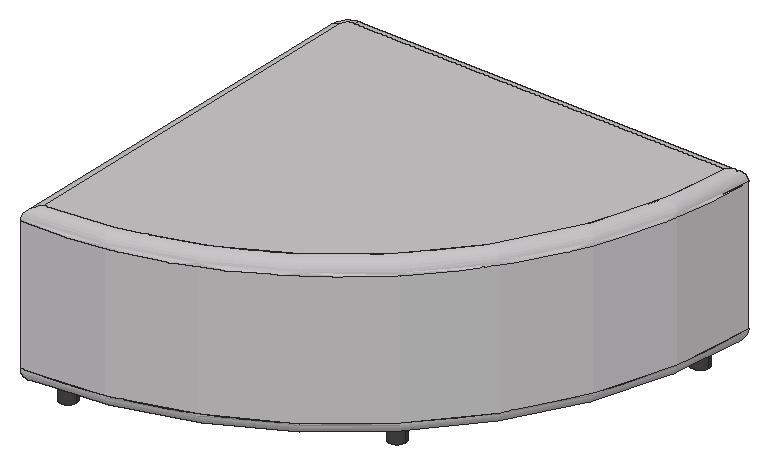
Revit family "FU_Chair_Sandler_ENTROPY_ENT0050TA", category Furniture, Revit 2020
Family settings
  OmniClass Number = 23.21.23.15.17
  Work Plane-Based = Yes
  Always vertical = No
  Cut with Voids When Loaded = No
  Shared = No
  Room Calculation Point = No
Parameters (values of type "ENTROPY ENT0050TA")
  Youtube clip = ""
  Width = 950.000 mm  # constant formula
  Uniformat II Description = "Movable Furnishings"
  Uniformat II Code = ""
  Uniclass 2015 Name = ""
  Uniclass 2015 Code = ""
  Uniclass 2.0 Description = ""
  Uniclass 2.0 Code = ""
  Uniclass 1.4 Description = ""
  Uniclass 1.4 Code = ""
  UNSPSC Code = ""
  Technical description = ""
  Seat Material = Leather - Gaja - 60005
  Frame Material = Steel - Frame - Black
  Region South America = "All"
  Region Oceania = "All"
  Region North America = "All"
  Region Middle East = "All"
  Region Europe = "All"
  Region Asia = "All"
  Region Antarctica = "All"
  Region Africa = "All"
  QR code = ""
  Product url = "https://www.sandlerseating.com/product/ent0050ta/"
  Product name = ""
  Product group = "Chair"
  Product family = "Furniture"
  Product data url = "https://www.sandlerseating.com/product/ent0050ta/"
  Product certification = ""
  Product SKU = ""
  Product Guid = ""
  OmniClass Description = ""
  OmniClass Code = "23-21 23 15 17"
  NBS Reference Description = ""
  NBS Reference Code = ""
  Model = "ENTROPY ENT0050TA"
  Masterformat 2014 Description = "Chair Mats"
  Masterformat 2014 Code = "12 48 43.13"
  Manufacturer name = "Sandler"
  Manufacturer country = "UK"
  Manufacturer = "Sandler"
  Installation instructions = ""
  IFC Classification = "Furnishing Element"
  GTIN code = ""
  Edition number = 1
  Design country = "UK"
  Description = "Chair"
  Depth = 950.000 mm  # constant formula
  Default Elevation = 0.000 mm
  Date of publishing = ""
  COBIe Type Category = ""
  Brand url = "https://www.sandlerseating.com/"
  BIMobject main category code = "furniture"
  BIMobject main category = "Furniture"
  BIMobject category code = "furniture-chair"
  BIMobject category = "Chair"
Reference planes
  plane 1 "Center Front/Back": y = 0
  plane 2: z = 0
  plane 3 "Center Left/Right": x = 0
  plane 4: y = 475
  plane 5: y = -475
  plane 6: x = -475
  plane 7: x = 475
  plane 8: z = 410
  plane 9: z = 40
  plane 10: x = -437.5
  plane 11: x = 437.5
  plane 12: y = -437.5
  plane 13: y = 437.5
Forms (mm)
  Extrusion 1, solid, material "Leather - Gaja - 60005" <- "Seat Material"
    sketch origin (0, 0, 0) x (1, 0, 0) y (0, 1, 0)
      loop
        arc (-425, 475) -> (-460.355, 460.355) -> (-475, 425) r 50
        line (-475, 425) -> (-475, -475)
        arc (-475, -475) -> (196.751, -196.751) -> (475, 475) r 950
        line (475, 475) -> (-425, 475)
    from 40 to 410
  Extrusion 2, solid, material "Steel - Frame - Black" <- "Frame Material"
    sketch origin (0, 0, 0) x (1, 0, 0) y (0, 1, 0)
      loop
        circle (151.66, -151.66) r 20
      loop
        circle (412.5, 412.5) r 20
      loop
        circle (-412.5, 412.5) r 20
      loop
        circle (-412.5, -412.5) r 20
    from 0 to 40
  Sweep 3, void
    path in 3D
      loop
        arc (-475, -475, 410) -> (196.751, -196.751, 410) -> (475, 475, 410) r 950
        line (475, 475, 410) -> (-425, 475, 410)
        arc (-425, 475, 410) -> (-460.355, 460.355, 410) -> (-475, 425, 410) r 50
        line (-475, 425, 410) -> (-475, -475, 410)
    profile origin (-475, -25, 410) x (1, 0, 0) y (0, 0, 1)
      loop
        line (0, 0) -> (0, -30)
        arc (0, -30) -> (8.787, -8.787) -> (30, 0) r 30
        line (30, 0) -> (0, 0)
      loop
        line (0, -370) -> (30, -370)
        arc (30, -370) -> (8.787, -361.213) -> (0, -340) r 30
        line (0, -340) -> (0, -370)
Cuts and joins
  Sweep 3 cuts Extrusion 1
Lines and regions (mm)
  sketch lines
    curve 1: line (-475, 425, 410) -> (-475, -475, 410)
    curve 2: arc (-475, 425, 410) -> (-460.355, 460.355, 410) -> (-425, 475, 410) r 50
    curve 3: line (475, 475, 410) -> (-425, 475, 410)
    curve 4: arc (475, 475, 410) -> (196.751, -196.751, 410) -> (-475, -475, 410) r 950
Dimensions and locks
  equal spacing: plane 4, plane 1 "Center Front/Back", plane 5
  "Depth": plane 4 to plane 5
  equal spacing: plane 6, plane 3 "Center Left/Right", plane 7
  "Width": plane 6 to plane 7
  locked: plane 11 to plane 7 at 37.5
  locked: plane 6 to plane 10 at 37.5
  locked: plane 4 to plane 13 at 37.5
  locked: plane 12 to plane 5 at 37.5
  aligned and locked: level to plane 2
Automatic sketch dimensions
  Extrusion 1 sketch curve to plane 6 = 0.000 mm
  Extrusion 1 sketch curve to plane 5 = 0.000 mm
  Extrusion 1 sketch curve to plane 4 = 0.000 mm
  plane 10 to Extrusion 1 sketch curve = 12.500 mm
  profile plane to Sweep 3 sketch curve = 0.000 mm  (x2)
  Sweep 3 sketch curve to profile plane = 0.000 mm
  Sweep 3 sketch curve to profile plane = 30.000 mm  (x2)
  Sweep 3 sketch curve to Sweep 3 sketch curve = 310.000 mm
  plane 10 to Extrusion 2 sketch curve = 25.000 mm  (x2)
  Extrusion 2 sketch curve to plane 11 = 285.840 mm
  Extrusion 2 sketch curve to plane 11 = 25.000 mm
  plane 12 to Extrusion 2 sketch curve = 25.000 mm
  plane 12 to Extrusion 2 sketch curve = 285.840 mm
  Extrusion 2 sketch curve to plane 13 = 25.000 mm  (x2)
  radius of Extrusion 2 sketch curve = 20.000 mm  (x4)
